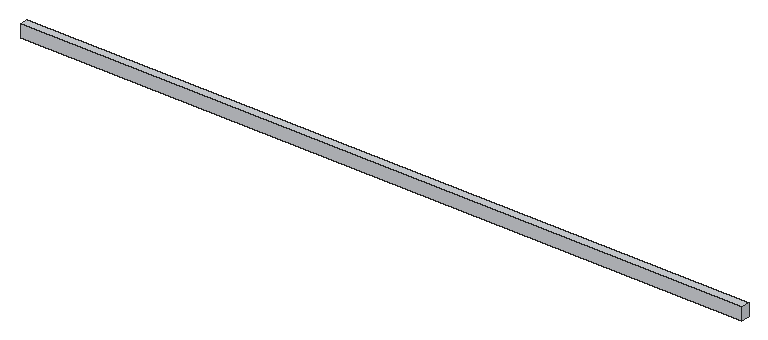
Revit family "SLIM LATERAL NEON 0410_SLNF24V_U_N", category Luminarias, Revit 2019
Family settings
  Cota de conector redondo = Diámetro de uso
  Tipo de pieza = Normal
  Se basa en plano de trabajo = Sí
  Siempre vertical = No
  Corte con vacíos al cargar = No
  Origen de luz = Sí
  Compartido = No
  Punto de cálculo de habitación = No
Parameters (values of type "SLIM LATERAL NEON 0410_SLNF24V.N")
  Zone [instance] = ""
  Watt per fixture [instance] = (Longitud / 1000 mm) * (8)  # 8
  Wattage = 8 W
  built-in parameter 1150107 = 4000 (stored number, unit not read)
  Light Source Symbol Size = 609.6 mm
  built-in parameter 1150110 = 1 (stored number, unit not read)
  built-in parameter 1150109 = 1 (stored number, unit not read)
  built-in parameter 1150112 = 1 (stored number, unit not read)
  built-in parameter 1150113 = 1 (stored number, unit not read)
  built-in parameter 1114218 = 1 (stored number, unit not read)
  built-in parameter 1150137 = (empty or 0)
  built-in parameter 1150132 = (empty or 0)
  Modelo Lampara = ""
  Modelo = "SLNF24V.N"
  Marca = "BRILLANT"
  Longitud de línea de emisión = 600 mm
  Longitud [instance] = 1000 mm
  built-in parameter 1150105 = 106.95 (stored number, unit not read)
  built-in parameter 1150102 = (empty or 0)
  built-in parameter 1150106 = 1.0695 (stored number, unit not read)
  Lumens = 336 lm
  Color Filter = 16777215
  built-in parameter 1114217 = 1 (stored number, unit not read)
  built-in parameter 1150139 = (empty or 0)
  Fabricante = "BRILLANT"
  Default Elevation = 0 mm
  built-in parameter 1150104 = 3.9019 (stored number, unit not read)
  Descripción = "MANGUERA LUMINOSA SLIM LATERAL NEON 0410 DE SILICONA AMBIENTAL CON UNA POTENCIA DE 8W/M, USO PARA EXTERIORES IP65, IRC 90,  TEMPERATURA EN BLANCO FRIO 4000K, 300 LUMENES/M, PRESENTACION DE 5M, CORTE 4.166CM, ALIMENTADO A 24V, REQUIERE ACCESORIOS."
  built-in parameter 1150115 = 1 (stored number, unit not read)
  built-in parameter 1150114 = 1 (stored number, unit not read)
  Costo USD_SLNF24V [instance] = (Longitud / 1000 mm) * (21)  # 21
  Comentarios de vataje = "24"
  built-in parameter 1150138 = (empty or 0)
  built-in parameter 1150134 = 12
  Circuit [instance] = ""
  Dimming Lamp Color Temperature Shift = (empty or 0)
  built-in parameter 1150133 = 10 (stored number, unit not read)
Types (2, lengths in mm): name | built-in parameter 1150107 | Modelo | built-in parameter 1150105 | built-in parameter 1150106 | Lumens | built-in parameter 1150104 | Descripción | built-in parameter 1150134
  SLIM LATERAL NEON 0410_SLNF24V.U | 2700 (stored number, unit not read) | "SLNF24V.U" | 101.86 (stored number, unit not read) | 1.0186 (stored number, unit not read) | 320 lm | 3.7161 (stored number, unit not read) | "MANGUERA LUMINOSA SLIM LATERAL NEON 0410 DE SILICONA AMBIENTAL CON UNA POTENCIA DE 8W/M, USO PARA EXTERIORES IP65, IRC 90,  TEMPERATURA EN BLANCO CALIDO 2700K, 290 LUMENES/M, PRESENTACION DE 5M, CORTE 4.166CM, ALIMENTADO A 24V, REQUIERE ACCESORIOS." | (empty or 0)
  SLIM LATERAL NEON 0410_SLNF24V.N | 4000 (stored number, unit not read) | "SLNF24V.N" | 106.95 (stored number, unit not read) | 1.0695 (stored number, unit not read) | 336 lm | 3.9019 (stored number, unit not read) | "MANGUERA LUMINOSA SLIM LATERAL NEON 0410 DE SILICONA AMBIENTAL CON UNA POTENCIA DE 8W/M, USO PARA EXTERIORES IP65, IRC 90,  TEMPERATURA EN BLANCO FRIO 4000K, 300 LUMENES/M, PRESENTACION DE 5M, CORTE 4.166CM, ALIMENTADO A 24V, REQUIERE ACCESORIOS." | 12
Reference planes
  plane 1 "Centro (Frontal/Posterior)": y = 0
  plane 2: z = 0
  plane 3 "Centro (Izquierda/Derecha)": x = 0
  plane 4 "IZQ": x = -1000
  plane 5: z = 17
Forms (mm)
  Extrusion 1, solid
    sketch origin (0, 0, 0) x (1, 0, 0) y (0, 1, 0)
      loop
        line (-1000, 6) -> (-1000, -6) -> (0, -6) -> (0, 6) -> (-1000, 6)
    from 0 to 17
Dimensions and locks
  plane 5 to imposter light = 17 mm
  "Longitud": plane 4 "IZQ" to plane 3 "Centro (Izquierda/Derecha)"
  aligned and locked: level to plane 2
  aligned and locked: plane 4 "IZQ" to Extrusion 1
  aligned and locked: plane 5 to Extrusion 1
  aligned and locked: plane 3 "Centro (Izquierda/Derecha)" to Extrusion 1
Automatic sketch dimensions
  Extrusion 1 sketch curve to plane 4 "IZQ" = 0 mm
  Extrusion 1 sketch curve to plane 3 "Centro (Izquierda/Derecha)" = 0 mm
  plane 1 "Centro (Frontal/Posterior)" to Extrusion 1 sketch curve = 6 mm
  Extrusion 1 sketch curve to plane 1 "Centro (Frontal/Posterior)" = 6 mm
Connectors
  electrical at (0, 0, 8.5)
    settings: on Extrusion 1, index 1, voltage 24 V, apparent load 0 VA, apparent load phase1 0 VA, apparent load phase2 0 VA, apparent load phase3 0 VA, power factor 1, load classification "Otro", number of poles 1, system type 31, power factor state 1, is connector primary yes, connector utility no, sub classification motor no, connector description ""
